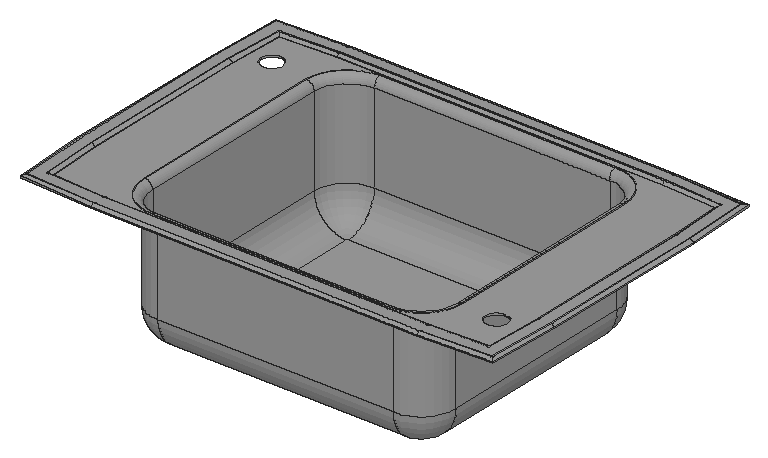
Revit family "equip-sink-clsrm-elkay-s-lustrtne", category Plumbing Fixtures, Revit 2019
Family settings
  Round Connector Dimension = Use Radius
  Part Type = Normal
  OmniClass Number = 23.45.05.14.14.27
  OmniClass Title = Service Sinks
  Work Plane-Based = Yes
  Always vertical = Yes
  Cut with Voids When Loaded = No
  Shared = No
  Room Calculation Point = No
Parameters (values of type "CDKR2517-2")
  URL = "www.elkayusa.com"
  Specification Sheet URL = ""
  Sink Width = 1' - 5"
  Sink Material = Metal - Steel - Stainless - Chrome
  Sink Length = 2' - 1"
  Sink Ledge Right Width Hidden = if(Sink Ledge Right Width > 0' 1 1/2", Sink Ledge Right Width, 0' 1 1/2")  # 0' - 4 5/8"
  Sink Ledge Right Width = 0' - 4 5/8"
  Sink Ledge Left Width Hidden = if(Sink Ledge Left Width > 0' 1 1/2", Sink Ledge Left Width, 0' 1 1/2")  # 0' - 4 5/8"
  Sink Ledge Left Width = 0' - 4 5/8"
  Sink Ledge Front Width Hidden = if(Sink Ledge Front Width > 0' 1 1/2", Sink Ledge Front Width, 0' 1 1/2")  # 0' - 1 1/2"
  Sink Ledge Front Width = 0' - 1 1/2"
  Sink Ledge Back Width Hidden = if(Sink Ledge Back Width > 0' 1 1/2", Sink Ledge Back Width, 0' 1 1/2")  # 0' - 1 1/2"
  Sink Ledge Back Width = 0' - 1 1/2"
  Right Faucet Hole Three Top = 0' - 0 1/8"
  Right Faucet Hole Three = Right Faucet Hole Three Top > 0' 0 63/256"  # no
  Right Faucet Hole OneTwo Top = 0' - 0 1/8"
  Right Faucet Hole OneTwo = Right Faucet Hole OneTwo Top > 0' 0 63/256"  # no
  Right Faucet Hole One to CL = 0' - 4"
  Left Faucet Hole Three = Left Faucet Hole Three Top > 0' 0 63/256"  # no
  Left Faucet Hole OneTwo = Left Faucet Hole OneTwo Top > 0' 0 63/256"  # no
  Bubbler Back Left = Bubbler Back Left Top > 0' 0 63/256"  # yes
  Bubbler Front Right = Bubbler Front Right Top > 0' 0 63/256"  # yes
  Bubbler Front Left = Bubbler Front Left Top > 0' 0 63/256"  # no
  Bubbler Back Right = Bubbler Back Right Top > 0' 0 63/256"  # no
  Back Faucet Hole Three = Back Faucet Hole Three Top > 0' 0 63/256"  # no
  Back Faucet Hole OneTwo = Back Faucet Hole OneTwo Top > 0' 0 63/256"  # no
  Back Faucet CL to Back = 0' - 2 1/4"
  Left Faucet Hole Three Top = 0' - 0 1/8"
  Left Faucet Hole OneTwo Top = 0' - 0 1/8"
  Bubbler Back Right Top = 0' - 0 1/8"
  Bubbler Front Right Radius = 0' - 0 9/16"
  Bubbler Front Left Radius = 0' - 0 9/16"
  Back Faucet Hole One to CL = 0' - 4"
  Drain CL LR to Left Bowl Edge = Bowl Length / 2  # 0' - 7 7/8"
  Bubbler Right from Edge = 0' - 2 1/4"
  Bubbler Back Left Top = 0' - 0 1/2"
  Bubbler Front Left Top = 0' - 0 1/8"
  Bubbler Left From Edge = 0' - 2 1/4"
  Back Faucet Hole Three Top = 0' - 0 1/8"
  Back Faucet Hole OneTwo Top = 0' - 0 1/8"
  Bowl Depth = 0' - 6 7/8"
  Bubbler Front Right Top = 0' - 0 1/2"
  Sanitary Flow Rate = 10 GPM
  OmniClass Title = "Service Sinks"
  OmniClass Code = "23.45.05.14.14.27"
  Sanitary Nominal Radius = Sanitary Nominal Dia / 2  # 0' - 0 3/4"
  Sanitary Nominal Dia = 0' - 1 1/2"
  Model = "LR3321"
  Minimum Cabinet Width = ""
  MasterFormat Title = "Commercial Sinks"
  MasterFormat Number = "22.42.16.16"
  Manufacturer = "Elkay Manufacturing"
  Installation Sheet URL = ""
  Bowl Drain Location FB = 0' - 7"
  Description = "Lustertone Classroom Single Bowl Sink"  # constant formula
  Default Elevation = 3' - 0"
  Deep Specification Sheet URL = ""
  Date Created = "2011-05-05"
  Bowl Length = Sink Length - Sink Ledge Left Width - Sink Ledge Right Width  # 1' - 3 3/4"
  Bowl Width = (Sink Width - Sink Ledge Front Width - Sink Ledge Back Width)  # 1' - 2"
  Assembly Code = "D2010410"
Reference planes (in)
  plane 1 "CL Sink Hole": y = 0
  plane 2 "Sink Deck": z = 0
  plane 3 "Center (Left/Right)": x = 0
  plane 4 "Basin Edge Left": x = -7.875
  plane 5 "Basin Edge Right": x = 7.875
  plane 6 "Back Right Bowl Edge": y = 7
  plane 7 "Basin Edge Front": y = -7
  plane 8 "Left": x = -12.5
  plane 9 "Right": x = 12.5
  plane 10 "Back": y = 8.5
  plane 11 "Front": y = -8.5
  plane 12 "Sink Angle Back Corner": y = 8.3125
  plane 13 "Sink Angle Right Corner": x = 12.3125
  plane 14 "Sink Angle Right": x = 8.5
  plane 15 "Sink Angle Back": y = 4.5
  plane 16 "Sink Angle Left": x = -8.5
  plane 17 "Sink Angle Left Corner": x = -12.3125
  plane 18 "Sink Angle Front Corner": y = -8.3125
  plane 19 "Sink Angle Front": y = -4.5
  plane 20 "Edge Opening Right": x = 8.296875
  plane 21 "Edge Opening Left": x = -8.296875
  plane 22 "Sink Top Piece Bottom Face": z = -0.0625
  plane 23 "Top Radius Corner Prot": z = -0.421875
  plane 24 "Left Sink Bottom Piece Left Edge": x = -6.1875
  plane 25 "Sink Bottom Piece Right Edge": x = 6.1875
  plane 26 "Sink Bottom Piece Back Edge": y = 5.3125
  plane 27 "Sink Bottom Piece Front Edge": y = -5.3125
  plane 28 "Center (Front/Back)": y = 0
  plane 29 "Right Bowl CL Drain": x = 0
  plane 30 "Edge Opening Front": y = -7.421875
  plane 31 "Right Sink Right Edge Radius": x = 6.125
  plane 32 "Front Edge Bottom Edge Radius": y = -5.25
  plane 33 "Back Edge Bottom Edge Radius": y = 5.25
  plane 34 "Back Right Edge Opening": y = 7.421875
  plane 35 "Left Bowl Bottom Edge Radius": x = -6.125
  plane 36 "Masking Region": z = 1.2515695
  plane 37 "Sink Angle Right Inside Corner": x = 11.4925507
  plane 38 "Sink Angle Back Inside Corner": y = 7.4925507
  plane 39 "Sink Angle Front Inside Corner": y = -7.4925507
  plane 40 "Sink Angle Left Inside Corner": x = -11.4925507
  plane 41 "Sink Angle Right Inside Offset Corner": x = 11.3511143
  plane 42 "Sink Angle Back Inside Offset Corner": y = 7.3511143
  plane 43 "Sink Angle Front Inside Offset Corner": y = -7.3511143
  plane 44 "Sink Angle Left Inside Offset Corner": x = -11.3511143
  plane 45 "Right Bowl Bottom Top Face": z = -6.7547681
  plane 46 "Right Bowl Bottom Bottom Face": z = -6.8172681
  plane 47 "Right Bowl Bottom Top of Radius": z = -5.0672681
  plane 48 "Right Sink Drain Elev Bottom": z = -8.2547681
  plane 49 "Right Sink Drain Top Elev": z = -8.0047681
  plane 50 "Faucet Hole Bottom": z = -0.25
  plane 51 "Left Faucet Hole Top": z = 0.25
  plane 52 "Faucet Hole CL Front/Back": y = 6.25
  plane 53 "Faucet Back Hole One-Two": z = -0.125
  plane 54 "Right Faucet Hole 1": x = -4
  plane 55 "Right Faucet Hole 2": x = 0
  plane 56 "Right Faucet Hole 3": x = 4
  plane 57 "Left  Bubbler CL Left/Right": x = -10.25
  plane 58 "Right Bubbler CL Left/Right": x = 10.25
  plane 59 "Bubbler Front CL": y = -5.5
  plane 60 "Top of Rim": z = 0.1202319
  plane 61 "CL Bowl Left/Right": x = 0
  plane 62 "Left Front Bubbler Top": z = -0.125
  plane 63 "Faucet Back Hole Three": z = -0.125
  plane 64 "Bubbler Rear CL F B": y = 5.5
  plane 65 "Bubbler Rear Left Top": z = 0.25
  plane 66 "Right Faucet Hole Three": y = 4
  plane 67 "Right Faucet Hole Two": y = 0
  plane 68 "Right Faucet Hole One": y = -4
  plane 69 "CL Bowl Front/Back": y = 0
  plane 70 "Right Faucet Hole OneTwo Top": z = -0.125
  plane 71 "Right Faucet Hole Three Top": z = -0.125
  plane 72 "Left Faucet Hole OneTwo Top": z = -0.125
  plane 73 "Left Faucet Hole Three Top": z = -0.125
  plane 74 "Bubble Rear Right Top": z = -0.125
Forms (in)
  Extrusion 1, solid, material "Metal - Steel - Stainless - Chrome" <- "Sink Material"
    sketch origin (0, 0, 0) x (1, 0, 0) y (0, 1, 0)
      loop
        line (-6.125, -7.421875) -> (6.125, -7.421875)
        arc (6.125, -7.421875) -> (7.6607475, -6.7857475) -> (8.296875, -5.25) r 2.171875
        line (8.296875, -5.25) -> (8.296875, 5.25)
        arc (8.296875, 5.25) -> (7.6607475, 6.7857475) -> (6.125, 7.421875) r 2.171875
        line (6.125, 7.421875) -> (-6.125, 7.421875)
        arc (-6.125, 7.421875) -> (-7.6607475, 6.7857475) -> (-8.296875, 5.25) r 2.171875
        line (-8.296875, 5.25) -> (-8.296875, -5.25)
        arc (-8.296875, -5.25) -> (-7.6607475, -6.7857475) -> (-6.125, -7.421875) r 2.171875
      loop
        line (-8.5, 7.4925507) -> (-11.3511143, 7.3511143) -> (-11.4925507, 4.5) -> (-11.4925507, -4.5) -> (-11.3511143, -7.3511143) -> (-8.5, -7.4925507) -> (8.5, -7.4925507) -> (11.3511143, -7.3511143) -> (11.4925507, -4.5) -> (11.4925507, 4.5) -> (11.3511143, 7.3511143) -> (8.5, 7.4925507) -> (-8.5, 7.4925507)
    from -0.0625 to 0
  Extrusion 2, solid, material "Metal - Steel - Stainless - Chrome" <- "Sink Material"
    sketch origin (0, 0, 0) x (1, 0, 0) y (0, 1, 0)
      loop
        arc (-6.125, 5.3125) -> (-6.1691942, 5.2941942) -> (-6.1875, 5.25) r 0.0625
        line (-6.1875, 5.25) -> (-6.1875, -5.25)
        arc (-6.1875, -5.25) -> (-6.1691942, -5.2941942) -> (-6.125, -5.3125) r 0.0625
        line (-6.125, -5.3125) -> (6.125, -5.3125)
        arc (6.125, -5.3125) -> (6.1691942, -5.2941942) -> (6.1875, -5.25) r 0.0625
        line (6.1875, -5.25) -> (6.1875, 5.25)
        arc (6.1875, 5.25) -> (6.1691942, 5.2941942) -> (6.125, 5.3125) r 0.0625
        line (6.125, 5.3125) -> (-6.125, 5.3125)
      loop
        circle (0, 0) r 2.25
    from -6.8172681 to -6.7547681
  Sweep 3, solid, material "Metal - Steel - Stainless - Chrome" <- "Sink Material"
    path origin (0, 0, -6.7547681) x (-1, 0, 0) y (0, -1, 0)
      loop
        circle (0, 0) r 2.25
    profile "profile-elkay-sink-d4-csk : profile-elkay-sink-d4-csk" origin (0, -2.25, -6.7547681) x (0, 1, 0) y (0, 0, 1)
      loop
        line (0.5, -0.2911069) -> (0.1564602, -0.1343744)
        arc (0.1564602, -0.1343744) -> (0.1424945, -0.125589) -> (0.1313144, -0.1134552) r 0.0625
        line (0.1313144, -0.1134552) -> (0.0881719, -0.0522605)
        arc (0.0881719, -0.0522605) -> (0.0506391, -0.015074) -> (0, 0) r 0.1086
        line (0, 0) -> (0, -0.0461763)
        arc (0, -0.0461763) -> (0.0262058, -0.0541921) -> (0.0464633, -0.0726483) r 0.0625
        line (0.0464633, -0.0726483) -> (0.093406, -0.1396891)
        arc (0.093406, -0.1396891) -> (0.1129384, -0.1609677) -> (0.1373891, -0.1763448) r 0.1086
        line (0.1373891, -0.1763448) -> (0.5, -0.3417784) -> (0.5, -0.2911069)
  Sweep 4, solid, material "Metal - Steel - Stainless - Chrome" <- "Sink Material"
    path origin (0, 0, 0) x (1, 0, 0) y (0, 1, 0)
      loop
        line (-6.125, -7) -> (6.125, -7)
        arc (6.125, -7) -> (7.3624369, -6.4874369) -> (7.875, -5.25) r 1.75
        line (7.875, -5.25) -> (7.875, 5.25)
        arc (7.875, 5.25) -> (7.3624369, 6.4874369) -> (6.125, 7) r 1.75
        line (6.125, 7) -> (-6.125, 7)
        arc (-6.125, 7) -> (-7.3624369, 6.4874369) -> (-7.875, 5.25) r 1.75
        line (-7.875, 5.25) -> (-7.875, -5.25)
        arc (-7.875, -5.25) -> (-7.3624369, -6.4874369) -> (-6.125, -7) r 1.75
    profile origin (0, -7, 0) x (0, 1, 0) y (0, 0, 1)
      loop
        arc (0, -0.421875) -> (-0.1235643, -0.1235643) -> (-0.421875, 0) r 0.421875
        line (-0.421875, 0) -> (-0.421875, -0.0625)
        arc (-0.421875, -0.0625) -> (-0.1677585, -0.1677585) -> (-0.0625, -0.421875) r 0.359375
        line (-0.0625, -0.421875) -> (-0.0625, -5.0672681)
        arc (-0.0625, -5.0672681) -> (0.4500631, -6.304705) -> (1.6875, -6.8172681) r 1.75
        line (1.6875, -6.8172681) -> (1.6875, -6.7547681)
        arc (1.6875, -6.7547681) -> (0.4942573, -6.2605108) -> (0, -5.0672681) r 1.6875
        line (0, -5.0672681) -> (0, -0.421875)
  Extrusion 5, solid, material "Glass", not visible
    sketch origin (0, 0, -4.7547681) x (0, -1, 0) y (1, 0, 0)
      loop
        circle (0, 0) r 0.75
    from -3.5 to -3.25
  Sweep 6, solid, material "Metal - Steel - Stainless - Chrome" <- "Sink Material"
    path origin (0, 0, 0) x (1, 0, 0) y (0, 1, 0)
      loop
        line (-8.5, -8.5) -> (8.5, -8.5) -> (12.3125, -8.3125) -> (12.5, -4.5) -> (12.5, 4.5) -> (12.3125, 8.3125) -> (8.5, 8.5) -> (-8.5, 8.5) -> (-12.3125, 8.3125) -> (-12.5, 4.5) -> (-12.5, -4.5) -> (-12.3125, -8.3125) -> (-8.5, -8.5)
    profile "profile-elkay-sink-rim-9 : profile-elkay-sink-rim-9" origin (0, -8.5, 0) x (0, 1, 0) y (0, 0, 1)
      loop
        line (0, 0.0163327) -> (0, -0.0360681) -> (0.2039181, 0.0741316) -> (0.8052651, 0.0741316) -> (1.0074493, -0.0546586) -> (1.0074493, 0) -> (0.841093, 0.1059673)
        arc (0.841093, 0.1059673) -> (0.8176388, 0.1165931) -> (0.7921483, 0.1202319) r 0.091102
        line (0.7921483, 0.1202319) -> (0.2153023, 0.1202319)
        arc (0.2153023, 0.1202319) -> (0.1929626, 0.1174506) -> (0.1719868, 0.1092765) r 0.0911081
        line (0.1719868, 0.1092765) -> (0, 0.0163327)
  Extrusion 7, void
    sketch origin (0, 0, 0) x (1, 0, 0) y (0, 1, 0)
      loop
        circle (-4, 6.25) r 0.75
    from -0.25 to -0.125
  Extrusion 8, void
    sketch origin (0, 0, 0) x (1, 0, 0) y (0, 1, 0)
      loop
        circle (0, 6.25) r 0.75
    from -0.25 to -0.125
  Extrusion 9, void
    sketch origin (0, 0, 0) x (1, 0, 0) y (0, 1, 0)
      loop
        circle (4, 6.25) r 0.75
    from -0.25 to -0.125
  Extrusion 10, void
    sketch origin (0, 0, 0) x (1, 0, 0) y (0, 1, 0)
      loop
        circle (-10.25, -5.5) r 0.5625
    from -0.25 to -0.125
  Extrusion 11, void
    sketch origin (0, 0, 0) x (1, 0, 0) y (0, 1, 0)
      loop
        circle (10.25, -5.5) r 0.5625
    from -0.25 to 0.25
  Extrusion 12, void
    sketch origin (0, 0, 0) x (1, 0, 0) y (0, 1, 0)
      loop
        circle (-10.25, 5.5) r 0.5625
    from -0.25 to 0.25
  Extrusion 13, void
    sketch origin (0, 0, 0) x (1, 0, 0) y (0, 1, 0)
      loop
        circle (10.25, -4) r 0.75
    from -0.25 to -0.125
  Extrusion 14, void
    sketch origin (0, 0, 0) x (1, 0, 0) y (0, 1, 0)
      loop
        circle (10.25, 4) r 0.75
    from -0.25 to -0.125
  Extrusion 15, void
    sketch origin (0, 0, 0) x (1, 0, 0) y (0, 1, 0)
      loop
        circle (10.25, 0) r 0.75
    from -0.25 to -0.125
  Extrusion 16, void
    sketch origin (0, 0, 0) x (1, 0, 0) y (0, 1, 0)
      loop
        circle (-10.25, -4) r 0.75
    from -0.25 to -0.125
  Extrusion 17, void
    sketch origin (0, 0, 0) x (1, 0, 0) y (0, 1, 0)
      loop
        circle (-10.25, 0) r 0.75
    from -0.25 to -0.125
  Extrusion 18, void
    sketch origin (0, 0, 0) x (1, 0, 0) y (0, 1, 0)
      loop
        circle (-10.25, 4) r 0.75
    from -0.25 to -0.125
  Extrusion 19, void
    sketch origin (0, 0, 0) x (1, 0, 0) y (0, 1, 0)
      loop
        circle (10.25, 5.5) r 0.5625
    from -0.25 to -0.125
Cuts and joins
  joined: Extrusion 2, Sweep 3, Sweep 4
  Extrusion 7, Extrusion 8, Extrusion 9, Extrusion 10, Extrusion 11, Extrusion 12, Extrusion 13, Extrusion 14, Extrusion 15, Extrusion 16, Extrusion 17, Extrusion 18, Extrusion 19 cuts Extrusion 1
Lines and regions (in)
  Masking region 1
    outline origin (0, 0, 1.2515695) x (-1, 0, 0) y (0, -1, 0)
      loop
        line (8.5, -8.5) -> (12.3125, -8.3125) -> (12.5, -4.5) -> (12.5, 4.5) -> (12.3125, 8.3125) -> (8.5, 8.5) -> (-8.5, 8.5) -> (-12.3125, 8.3125) -> (-12.5, 4.5) -> (-12.5, -4.5) -> (-12.3125, -8.3125) -> (-8.5, -8.5) -> (8.5, -8.5)
  reference lines, not visible
    curve 1: line (8.5, 8.5, 0) -> (12.3125, 8.3125, 0)
    curve 2: line (12.3125, 8.3125, 0) -> (12.5, 4.5, 0)
    curve 3: line (-8.5, 8.5, 0) -> (-12.3125, 8.3125, 0)
    curve 4: line (-12.3125, 8.3125, 0) -> (-12.5, 4.5, 0)
    curve 5: line (-12.5, -4.5, 0) -> (-12.3125, -8.3125, 0)
    curve 6: line (-12.3125, -8.3125, 0) -> (-8.5, -8.5, 0)
    curve 7: line (12.5, -4.5, 0) -> (12.3125, -8.3125, 0)
    curve 8: line (12.3125, -8.3125, 0) -> (8.5, -8.5, 0)
    curve 9: arc (0, -7, -0.421875) -> (0, -7.1235643, -0.1235643) -> (0, -7.421875, 0) r 0.421875
    curve 10: arc (6.1875, 5.25, 0) -> (6.1691942, 5.2941942, 0) -> (6.125, 5.3125, 0) r 0.0625
    curve 11: arc (-7.1875, 5.25, 0) -> (-7.1691942, 5.2941942, 0) -> (-7.125, 5.3125, 0) r 0.0625
    curve 12: arc (-7.125, -5.3125, 0) -> (-7.1691942, -5.2941942, 0) -> (-7.1875, -5.25, 0) r 0.0625
    curve 13: arc (6.1875, -5.25, 0) -> (6.1691942, -5.2941942, 0) -> (6.125, -5.3125, 0) r 0.0625
    curve 14: arc (7.875, 5.25, 0) -> (7.3624369, 6.4874369, 0) -> (6.125, 7, 0) r 1.75
    curve 15: arc (7.875, -5.25, 0) -> (7.3624369, -6.4874369, 0) -> (6.125, -7, 0) r 1.75
    curve 21: circle (0, 0, -8.2547681) r 0.75 normal (0, 0, 1)
  reference lines
    curve 16: arc (8.296875, 5.25, 0) -> (7.6607475, 6.7857475, 0) -> (6.125, 7.421875, 0) r 2.171875
    curve 17: arc (8.296875, -5.25, 0) -> (7.6607475, -6.7857475, 0) -> (6.125, -7.421875, 0) r 2.171875
    curve 22: line (11.4925507, -4.5, 0) -> (11.3511143, -7.3511143, 0)
    curve 23: line (8.5, -7.4925507, 0) -> (11.3511143, -7.3511143, 0)
    curve 24: line (-11.4925507, -4.5, 0) -> (-11.3511143, -7.3511143, 0)
    curve 25: line (11.4925507, 4.5, 0) -> (11.3511143, 7.3511143, 0)
    curve 26: line (11.3511143, 7.3511143, 0) -> (8.5, 7.4925507, 0)
    curve 27: line (-8.5, 7.4925507, 0) -> (-11.3511143, 7.3511143, 0)
    curve 28: line (-11.3511143, 7.3511143, 0) -> (-11.4925507, 4.5, 0)
    curve 29: line (-8.5, -7.4925507, 0) -> (-11.3511143, -7.3511143, 0)
    curve 30: arc (0, -5.3125, -6.7547681) -> (0, -6.5057427, -6.2605108) -> (0, -7, -5.0672681) r 1.6875
    curve 31: arc (-6.125, -5.3125, 0) -> (-6.1691942, -5.2941942, 0) -> (-6.1875, -5.25, 0) r 0.0625
    curve 32: arc (-6.125, -7, 0) -> (-7.3624369, -6.4874369, 0) -> (-7.875, -5.25, 0) r 1.75
    curve 33: arc (-8.296875, -5.25, 0) -> (-7.6607475, -6.7857475, 0) -> (-6.125, -7.421875, 0) r 2.171875
    curve 34: arc (-7.875, 5.25, 0) -> (-7.3624369, 6.4874369, 0) -> (-6.125, 7, 0) r 1.75
    curve 35: arc (-8.296875, 5.25, 0) -> (-7.6607475, 6.7857475, 0) -> (-6.125, 7.421875, 0) r 2.171875
    curve 36: arc (-6.1875, 5.25, 0) -> (-6.1691942, 5.2941942, 0) -> (-6.125, 5.3125, 0) r 0.0625
    curve 55: circle (10.25, -5.5, 0) r 0.5625 normal (0, 0, 1)
    curve 56: circle (-10.25, -5.5, 0) r 0.5625 normal (0, 0, 1)
  symbolic lines, style "Sinks"
    curve 18: line (7.875, 5.25, 1.2515695) -> (7.875, -5.25, 1.2515695)
    curve 19: arc (7.875, -5.25, 1.2515695) -> (7.3624369, -6.4874369, 1.2515695) -> (6.125, -7, 1.2515695) r 1.75
    curve 20: arc (7.875, 5.25, 1.2515695) -> (7.3624369, 6.4874369, 1.2515695) -> (6.125, 7, 1.2515695) r 1.75
    curve 37: line (-6.125, 7, 1.2515695) -> (6.125, 7, 1.2515695)
    curve 38: line (-6.125, -7, 1.2515695) -> (6.125, -7, 1.2515695)
    curve 39: line (-7.875, 5.25, 1.2515695) -> (-7.875, -5.25, 1.2515695)
    curve 40: arc (-6.125, -7, 1.2515695) -> (-7.3624369, -6.4874369, 1.2515695) -> (-7.875, -5.25, 1.2515695) r 1.75
    curve 41: arc (-7.875, 5.25, 1.2515695) -> (-7.3624369, 6.4874369, 1.2515695) -> (-6.125, 7, 1.2515695) r 1.75
    curve 42: line (-8.5, 7.4925507, 1.2515695) -> (8.5, 7.4925507, 1.2515695)
    curve 43: line (-11.4925507, -4.5, 1.2515695) -> (-11.4925507, 4.5, 1.2515695)
    curve 44: line (11.4925507, 4.5, 1.2515695) -> (11.4925507, -4.5, 1.2515695)
    curve 45: line (8.5, -7.4925507, 1.2515695) -> (-8.5, -7.4925507, 1.2515695)
    curve 46: line (11.4925507, -4.5, 1.2515695) -> (11.3511143, -7.3511143, 1.2515695)
    curve 47: line (8.5, -7.4925507, 1.2515695) -> (11.3511143, -7.3511143, 1.2515695)
    curve 48: line (-8.5, -7.4925507, 1.2515695) -> (-11.3511143, -7.3511143, 1.2515695)
    curve 49: line (-8.5, 7.4925507, 1.2515695) -> (-11.3511143, 7.3511143, 1.2515695)
    curve 50: line (-11.3511143, 7.3511143, 1.2515695) -> (-11.4925507, 4.5, 1.2515695)
    curve 51: line (11.3511143, 7.3511143, 1.2515695) -> (8.5, 7.4925507, 1.2515695)
    curve 52: line (11.4925507, 4.5, 1.2515695) -> (11.3511143, 7.3511143, 1.2515695)
    curve 53: line (-11.4925507, -4.5, 1.2515695) -> (-11.3511143, -7.3511143, 1.2515695)
    curve 67: circle (0, 0, 1.2515695) r 2.25 normal (0, 0, 1)
    curve 68: circle (0, 0, 1.2515695) r 1.75 normal (0, 0, 1)
  symbolic lines, style "Sinks", visible <- "Back Faucet Hole OneTwo"
    curve 54: circle (0, 6.25, 1.2515695) r 0.75 normal (0, 0, 1)
    curve 69: circle (-4, 6.25, 0) r 0.75 normal (0, 0, 1)
  symbolic lines, style "Sinks", visible <- "Bubbler Back Left"
    curve 57: circle (-10.25, 5.5, 1.2515695) r 0.5625 normal (0, 0, 1)
  symbolic lines, style "Sinks", visible <- "Bubbler Back Right"
    curve 58: circle (10.25, 5.5, 1.2515695) r 0.5625 normal (0, 0, 1)
  symbolic lines, style "Sinks", visible <- "Right Faucet Hole Three"
    curve 59: circle (10.25, 4, 1.2515695) r 0.75 normal (0, 0, 1)
  symbolic lines, style "Sinks", visible <- "Right Faucet Hole OneTwo"
    curve 60: circle (10.25, 0, 1.2515695) r 0.75 normal (0, 0, 1)
    curve 61: circle (10.25, -4, 1.2515695) r 0.75 normal (0, 0, 1)
  symbolic lines, style "Sinks", visible <- "Bubbler Front Right"
    curve 62: circle (10.25, -5.5, 1.2515695) r 0.5625 normal (0, 0, 1)
  symbolic lines, style "Sinks", visible <- "Bubbler Front Left"
    curve 63: circle (-10.25, -5.5, 1.2515695) r 0.5625 normal (0, 0, 1)
  symbolic lines, style "Sinks", visible <- "Left Faucet Hole OneTwo"
    curve 64: circle (-10.25, -4, 1.2515695) r 0.75 normal (0, 0, 1)
    curve 65: circle (-10.25, 0, 1.2515695) r 0.75 normal (0, 0, 1)
  symbolic lines, style "Sinks", visible <- "Left Faucet Hole Three"
    curve 66: circle (-10.25, 4, 1.2515695) r 0.75 normal (0, 0, 1)
  symbolic lines, style "Sinks", visible <- "Back Faucet Hole Three"
    curve 70: circle (4, 6.25, 0) r 0.75 normal (0, 0, 1)
Dimensions and locks (in)
  "Sink Ledge Left Width Hidden": plane 8 "Left" to plane 4 "Basin Edge Left"
  "Sink Ledge Right Width Hidden": plane 5 "Basin Edge Right" to plane 9 "Right"
  "Sink Length": plane 8 "Left" to plane 9 "Right"
  "Bowl Drain Location FB": plane 6 "Back Right Bowl Edge" to plane 1 "CL Sink Hole"
  "Sink Ledge Back Width Hidden": plane 10 "Back" to plane 6 "Back Right Bowl Edge"
  "Sink Ledge Front Width Hidden": plane 7 "Basin Edge Front" to plane 11 "Front"
  locked: plane 13 "Sink Angle Right Corner" to plane 9 "Right" at 0.1875
  locked: plane 10 "Back" to plane 12 "Sink Angle Back Corner" at 0.1875
  locked: plane 14 "Sink Angle Right" to plane 9 "Right" at 4
  locked: plane 10 "Back" to plane 15 "Sink Angle Back" at 4
  locked: plane 8 "Left" to plane 17 "Sink Angle Left Corner" at 0.1875
  locked: plane 8 "Left" to plane 16 "Sink Angle Left" at 4
  locked: plane 18 "Sink Angle Front Corner" to plane 11 "Front" at 0.1875
  locked: plane 19 "Sink Angle Front" to plane 11 "Front" at 4
  "Sink Width": plane 10 "Back" to plane 11 "Front"
  locked: plane 21 "Edge Opening Left" to plane 4 "Basin Edge Left" at 0.421875
  locked: plane 27 "Sink Bottom Piece Front Edge" to plane 7 "Basin Edge Front" at 1.6875
  locked: plane 4 "Basin Edge Left" to plane 24 "Left Sink Bottom Piece Left Edge" at 1.6875
  locked: plane 25 "Sink Bottom Piece Right Edge" to plane 5 "Basin Edge Right" at 1.6875
  locked: plane 6 "Back Right Bowl Edge" to plane 26 "Sink Bottom Piece Back Edge" at 1.6875
  locked: plane 5 "Basin Edge Right" to plane 20 "Edge Opening Right" at 0.421875
  equal spacing: plane 10 "Back", plane 28 "Center (Front/Back)", plane 11 "Front"
  equal spacing: plane 8 "Left", plane 3 "Center (Left/Right)", plane 9 "Right"
  locked: plane 31 "Right Sink Right Edge Radius" to plane 25 "Sink Bottom Piece Right Edge" at 0.0625
  locked: plane 32 "Front Edge Bottom Edge Radius" to plane 27 "Sink Bottom Piece Front Edge" at 0.0625
  locked: plane 26 "Sink Bottom Piece Back Edge" to plane 33 "Back Edge Bottom Edge Radius" at 0.0625
  locked: plane 34 "Back Right Edge Opening" to plane 6 "Back Right Bowl Edge" at 0.421875
  locked: plane 7 "Basin Edge Front" to plane 30 "Edge Opening Front" at 0.421875
  locked: plane 24 "Left Sink Bottom Piece Left Edge" to plane 35 "Left Bowl Bottom Edge Radius" at 0.0625
  locked: plane 2 "Sink Deck" to plane 23 "Top Radius Corner Prot" at 0.421875
  locked: plane 2 "Sink Deck" to plane 22 "Sink Top Piece Bottom Face" at 0.0625
  locked: plane 36 "Masking Region" to plane 2 "Sink Deck" at 1.2515695
  locked: plane 37 "Sink Angle Right Inside Corner" to plane 9 "Right" at 1.0074493
  locked: plane 8 "Left" to plane 40 "Sink Angle Left Inside Corner" at 1.0074493
  locked: plane 10 "Back" to plane 38 "Sink Angle Back Inside Corner" at 1.0074493
  locked: plane 39 "Sink Angle Front Inside Corner" to plane 11 "Front" at 1.0074493
  locked: plane 41 "Sink Angle Right Inside Offset Corner" to plane 37 "Sink Angle Right Inside Corner" at 0.1414364
  locked: plane 42 "Sink Angle Back Inside Offset Corner" to plane 38 "Sink Angle Back Inside Corner" at 0.1414364
  locked: plane 39 "Sink Angle Front Inside Corner" to plane 43 "Sink Angle Front Inside Offset Corner" at 0.1414364
  locked: plane 40 "Sink Angle Left Inside Corner" to plane 44 "Sink Angle Left Inside Offset Corner" at 0.1414364
  locked: plane 47 "Right Bowl Bottom Top of Radius" to plane 45 "Right Bowl Bottom Top Face" at 1.6875
  locked: plane 45 "Right Bowl Bottom Top Face" to plane 46 "Right Bowl Bottom Bottom Face" at 0.0625
  "Bowl Depth": plane 60 "Top of Rim" to plane 45 "Right Bowl Bottom Top Face"
  locked: plane 49 "Right Sink Drain Top Elev" to plane 48 "Right Sink Drain Elev Bottom" at 0.25
  locked: plane 45 "Right Bowl Bottom Top Face" to plane 48 "Right Sink Drain Elev Bottom" at 1.5
  "Back Faucet CL to Back": plane 10 "Back" to plane 52 "Faucet Hole CL Front/Back"
  locked: plane 2 "Sink Deck" to plane 50 "Faucet Hole Bottom" at 0.25
  "Bubbler Front Right Top": plane 51 "Left Faucet Hole Top" to plane 50 "Faucet Hole Bottom"
  "Back Faucet Hole OneTwo Top": plane 53 "Faucet Back Hole One-Two" to plane 50 "Faucet Hole Bottom"
  "Drain CL LR to Left Bowl Edge": plane 4 "Basin Edge Left" to plane 29 "Right Bowl CL Drain"
  locked: plane 54 "Right Faucet Hole 1" to plane 55 "Right Faucet Hole 2" at 4
  locked: plane 54 "Right Faucet Hole 1" to plane 56 "Right Faucet Hole 3" at 8
  "Bubbler Right from Edge": plane 58 "Right Bubbler CL Left/Right" to plane 9 "Right"
  "Bubbler Left From Edge": plane 8 "Left" to plane 57 "Left  Bubbler CL Left/Right"
  locked: plane 59 "Bubbler Front CL" to plane 11 "Front" at 3
  locked: plane 60 "Top of Rim" to plane 2 "Sink Deck" at 0.1202319
  "Back Faucet Hole One to CL": plane 54 "Right Faucet Hole 1" to plane 61 "CL Bowl Left/Right"
  equal spacing: plane 4 "Basin Edge Left", plane 61 "CL Bowl Left/Right", plane 5 "Basin Edge Right"
  "Bubbler Front Left Top": plane 62 "Left Front Bubbler Top" to plane 50 "Faucet Hole Bottom"
  "Back Faucet Hole Three Top": plane 50 "Faucet Hole Bottom" to plane 63 "Faucet Back Hole Three"
  locked: plane 10 "Back" to plane 64 "Bubbler Rear CL F B" at 3
  "Bubbler Back Left Top": plane 65 "Bubbler Rear Left Top" to plane 50 "Faucet Hole Bottom"
  equal spacing: plane 6 "Back Right Bowl Edge", plane 69 "CL Bowl Front/Back", plane 7 "Basin Edge Front"
  "Right Faucet Hole One to CL": plane 69 "CL Bowl Front/Back" to plane 68 "Right Faucet Hole One"
  locked: plane 67 "Right Faucet Hole Two" to plane 68 "Right Faucet Hole One" at 4
  locked: plane 66 "Right Faucet Hole Three" to plane 68 "Right Faucet Hole One" at 8
  "Right Faucet Hole OneTwo Top": plane 70 "Right Faucet Hole OneTwo Top" to plane 50 "Faucet Hole Bottom"
  "Right Faucet Hole Three Top": plane 71 "Right Faucet Hole Three Top" to plane 50 "Faucet Hole Bottom"
  "Left Faucet Hole OneTwo Top": plane 72 "Left Faucet Hole OneTwo Top" to plane 50 "Faucet Hole Bottom"
  "Left Faucet Hole Three Top": plane 73 "Left Faucet Hole Three Top" to plane 50 "Faucet Hole Bottom"
  "Bubbler Back Right Top": plane 74 "Bubble Rear Right Top" to plane 50 "Faucet Hole Bottom"
  "Sanitary Nominal Radius": radius of curve 21
  "Bubbler Front Right Radius": radius of curve 55
  "Bubbler Front Left Radius": radius of curve 56
  aligned: Extrusion 1 to plane 22 "Sink Top Piece Bottom Face"
  aligned and locked: Extrusion 2 sketch curve to curve 13
  aligned and locked: Extrusion 2 sketch curve to curve 10
  aligned and locked: Sweep 4 sketch curve to curve 14
  aligned and locked: Sweep 4 sketch curve to curve 15
  aligned and locked: Sweep 4 sketch curve to curve 9
  aligned and locked: Extrusion 1 sketch curve to curve 16
  aligned and locked: Extrusion 1 sketch curve to curve 17
  aligned and locked: plane 2 "Sink Deck" to Extrusion 1
  aligned and locked: Extrusion 1 to plane 22 "Sink Top Piece Bottom Face"
  aligned and locked: curve 19 to curve 15
  aligned and locked: curve 20 to curve 14
  aligned and locked: Extrusion 5 sketch curve to curve 21
  aligned and locked: Sweep 6 sketch curve to plane 11 "Front"
  aligned and locked: Sweep 6 sketch curve to plane 9 "Right"
  aligned and locked: Sweep 6 sketch curve to plane 10 "Back"
  aligned and locked: Sweep 6 sketch curve to plane 8 "Left"
  aligned and locked: Sweep 6 sketch curve to curve 4
  aligned and locked: Sweep 6 sketch curve to curve 5
  aligned and locked: Sweep 6 sketch curve to curve 7
  aligned and locked: Sweep 6 sketch curve to curve 8
  aligned and locked: Sweep 6 sketch curve to curve 2
  aligned and locked: Sweep 6 sketch curve to curve 1
  aligned and locked: Sweep 6 sketch curve to curve 3
  aligned and locked: Sweep 6 sketch curve to curve 6
  aligned and locked: Extrusion 1 sketch curve to plane 38 "Sink Angle Back Inside Corner"
  aligned and locked: Extrusion 1 sketch curve to plane 40 "Sink Angle Left Inside Corner"
  aligned and locked: Extrusion 1 sketch curve to plane 37 "Sink Angle Right Inside Corner"
  aligned and locked: Extrusion 1 sketch curve to plane 39 "Sink Angle Front Inside Corner"
  aligned and locked: Extrusion 1 sketch curve to curve 29
  aligned and locked: Extrusion 1 sketch curve to curve 24
  aligned and locked: Extrusion 1 sketch curve to curve 27
  aligned and locked: Extrusion 1 sketch curve to curve 28
  aligned and locked: Extrusion 1 sketch curve to curve 26
  aligned and locked: Extrusion 1 sketch curve to curve 25
  aligned and locked: Extrusion 1 sketch curve to curve 22
  aligned and locked: Extrusion 1 sketch curve to curve 23
  aligned and locked: Sweep 4 sketch curve to curve 30
  aligned and locked: plane 45 "Right Bowl Bottom Top Face" to cut or joined group of Extrusion 2, Sweep 3, Sweep 4
  aligned and locked: cut or joined group of Extrusion 2, Sweep 3, Sweep 4 to plane 46 "Right Bowl Bottom Bottom Face"
  aligned and locked: plane 49 "Right Sink Drain Top Elev" to Extrusion 5
  aligned and locked: Extrusion 5 to plane 48 "Right Sink Drain Elev Bottom"
  aligned and locked: Extrusion 9 to plane 50 "Faucet Hole Bottom"
  aligned and locked: Extrusion 8 to plane 50 "Faucet Hole Bottom"
  aligned and locked: Extrusion 7 to plane 50 "Faucet Hole Bottom"
  aligned: plane 53 "Faucet Back Hole One-Two" to Extrusion 9
  aligned and locked: plane 53 "Faucet Back Hole One-Two" to Extrusion 8
  aligned and locked: plane 53 "Faucet Back Hole One-Two" to Extrusion 7
  aligned and locked: Extrusion 10 to plane 50 "Faucet Hole Bottom"
  aligned: plane 51 "Left Faucet Hole Top" to Extrusion 10
  aligned and locked: Extrusion 11 to plane 50 "Faucet Hole Bottom"
  aligned: plane 53 "Faucet Back Hole One-Two" to Extrusion 11
  aligned and locked: plane 51 "Left Faucet Hole Top" to Extrusion 11
  aligned: plane 53 "Faucet Back Hole One-Two" to Extrusion 10
  aligned and locked: Masking region 1 sketch curve to plane 10 "Back"
  aligned and locked: Masking region 1 sketch curve to plane 8 "Left"
  aligned and locked: Masking region 1 sketch curve to plane 9 "Right"
  aligned and locked: Masking region 1 sketch curve to plane 11 "Front"
  aligned and locked: Masking region 1 sketch curve to curve 6
  aligned and locked: Masking region 1 sketch curve to curve 5
  aligned and locked: Masking region 1 sketch curve to curve 4
  aligned and locked: Masking region 1 sketch curve to curve 3
  aligned and locked: Masking region 1 sketch curve to curve 1
  aligned and locked: Masking region 1 sketch curve to curve 2
  aligned and locked: Masking region 1 sketch curve to curve 7
  aligned and locked: Masking region 1 sketch curve to curve 8
  aligned and locked: Sweep 4 sketch curve to curve 34
  aligned and locked: Sweep 4 sketch curve to curve 32
  aligned and locked: Extrusion 2 sketch curve to curve 36
  aligned and locked: Extrusion 2 sketch curve to curve 31
  aligned and locked: Extrusion 1 sketch curve to curve 35
  aligned and locked: Extrusion 1 sketch curve to curve 33
  aligned and locked: curve 40 to curve 32
  aligned and locked: curve 41 to curve 34
  aligned and locked: Extrusion 10 to plane 62 "Left Front Bubbler Top"
  aligned and locked: Extrusion 9 to plane 63 "Faucet Back Hole Three"
  aligned and locked: Extrusion 12 to plane 50 "Faucet Hole Bottom"
  aligned and locked: plane 65 "Bubbler Rear Left Top" to Extrusion 12
  aligned and locked: Extrusion 13 to plane 50 "Faucet Hole Bottom"
  aligned and locked: Extrusion 15 to plane 50 "Faucet Hole Bottom"
  aligned and locked: plane 70 "Right Faucet Hole OneTwo Top" to Extrusion 15
  aligned and locked: plane 70 "Right Faucet Hole OneTwo Top" to Extrusion 13
  aligned and locked: Extrusion 14 to plane 71 "Right Faucet Hole Three Top"
  aligned and locked: Extrusion 14 to plane 50 "Faucet Hole Bottom"
  aligned and locked: Extrusion 17 to plane 50 "Faucet Hole Bottom"
  aligned and locked: Extrusion 18 to plane 50 "Faucet Hole Bottom"
  aligned and locked: Extrusion 16 to plane 50 "Faucet Hole Bottom"
  aligned and locked: plane 73 "Left Faucet Hole Three Top" to Extrusion 18
  aligned and locked: plane 72 "Left Faucet Hole OneTwo Top" to Extrusion 17
  aligned and locked: plane 72 "Left Faucet Hole OneTwo Top" to Extrusion 16
  aligned and locked: plane 74 "Bubble Rear Right Top" to Extrusion 19
  aligned and locked: Extrusion 19 to plane 50 "Faucet Hole Bottom"
  aligned and locked: Extrusion 11 sketch curve to curve 55
  aligned and locked: Extrusion 10 sketch curve to curve 56
  aligned and locked: curve 62 to curve 55
  aligned and locked: curve 63 to curve 56
Automatic sketch dimensions
  Sweep 4 sketch curve to Sweep 4 sketch curve = 0' - 0"  (x2)
  curve 9 to level = 0' - 0"
  curve 9 to plane 30 "Edge Opening Front" = 0' - 0"
  curve 9 to plane 7 "Basin Edge Front" = 0' - 0"
  curve 30 to plane 7 "Basin Edge Front" = 0' - 0"
  curve 30 to plane 27 "Sink Bottom Piece Front Edge" = 0' - 0"
  curve 30 to plane 45 "Right Bowl Bottom Top Face" = 0' - 0"
  profile plane to Sweep 4 sketch curve = 0' - 0 1/16"
  plane 1 "CL Sink Hole" to curve 21 = 0' - 0"
  curve 21 to plane 29 "Right Bowl CL Drain" = 0' - 0"
  Extrusion 8 sketch curve to plane 52 "Faucet Hole CL Front/Back" = 0' - 0"
  Extrusion 8 sketch curve to plane 55 "Right Faucet Hole 2" = 0' - 0"
  Extrusion 9 sketch curve to plane 52 "Faucet Hole CL Front/Back" = 0' - 0"
  Extrusion 9 sketch curve to plane 56 "Right Faucet Hole 3" = 0' - 0"
  Extrusion 7 sketch curve to plane 52 "Faucet Hole CL Front/Back" = 0' - 0"
  Extrusion 7 sketch curve to plane 54 "Right Faucet Hole 1" = 0' - 0"
  Extrusion 12 sketch curve to plane 57 "Left  Bubbler CL Left/Right" = 0' - 0"
  Extrusion 12 sketch curve to plane 64 "Bubbler Rear CL F B" = 0' - 0"
  Extrusion 13 sketch curve to plane 58 "Right Bubbler CL Left/Right" = 0' - 0"
  Extrusion 13 sketch curve to plane 68 "Right Faucet Hole One" = 0' - 0"
  Extrusion 14 sketch curve to plane 58 "Right Bubbler CL Left/Right" = 0' - 0"
  Extrusion 14 sketch curve to plane 66 "Right Faucet Hole Three" = 0' - 0"
  Extrusion 15 sketch curve to plane 58 "Right Bubbler CL Left/Right" = 0' - 0"
  Extrusion 15 sketch curve to plane 67 "Right Faucet Hole Two" = 0' - 0"
  Extrusion 16 sketch curve to plane 57 "Left  Bubbler CL Left/Right" = 0' - 0"
  Extrusion 16 sketch curve to plane 68 "Right Faucet Hole One" = 0' - 0"
  Extrusion 17 sketch curve to plane 57 "Left  Bubbler CL Left/Right" = 0' - 0"
  Extrusion 17 sketch curve to plane 67 "Right Faucet Hole Two" = 0' - 0"
  Extrusion 18 sketch curve to plane 57 "Left  Bubbler CL Left/Right" = 0' - 0"
  Extrusion 18 sketch curve to plane 66 "Right Faucet Hole Three" = 0' - 0"
  curve 52 to plane 15 "Sink Angle Back" = 0' - 0"
  curve 52 to plane 37 "Sink Angle Right Inside Corner" = 0' - 0"
  curve 46 to plane 41 "Sink Angle Right Inside Offset Corner" = 0' - 0"
  curve 51 to plane 41 "Sink Angle Right Inside Offset Corner" = 0' - 0"
  curve 47 to plane 14 "Sink Angle Right" = 0' - 0"
  curve 51 to plane 14 "Sink Angle Right" = 0' - 0"
  curve 42 to plane 16 "Sink Angle Left" = 0' - 0"
  curve 45 to plane 16 "Sink Angle Left" = 0' - 0"
  curve 53 to plane 43 "Sink Angle Front Inside Offset Corner" = 0' - 0"
  curve 53 to plane 44 "Sink Angle Left Inside Offset Corner" = 0' - 0"
  plane 42 "Sink Angle Back Inside Offset Corner" to curve 49 = 0' - 0"
  curve 49 to plane 44 "Sink Angle Left Inside Offset Corner" = 0' - 0"
  curve 43 to plane 19 "Sink Angle Front" = 0' - 0"
  curve 50 to plane 15 "Sink Angle Back" = 0' - 0"
  curve 50 to plane 40 "Sink Angle Left Inside Corner" = 0' - 0"
  curve 51 to plane 38 "Sink Angle Back Inside Corner" = 0' - 0"
  plane 42 "Sink Angle Back Inside Offset Corner" to curve 52 = 0' - 0"
  curve 44 to plane 19 "Sink Angle Front" = 0' - 0"
  curve 46 to plane 43 "Sink Angle Front Inside Offset Corner" = 0' - 0"
  plane 39 "Sink Angle Front Inside Corner" to curve 47 = 0' - 0"
  Extrusion 19 sketch curve to plane 58 "Right Bubbler CL Left/Right" = 0' - 0"
  Extrusion 19 sketch curve to plane 64 "Bubbler Rear CL F B" = 0' - 0"
  curve 10 to curve 14 = 0' - 0"
  curve 10 to curve 16 = 0' - 0"  (x2)
  curve 13 to curve 15 = 0' - 0"  (x2)
  curve 13 to curve 17 = 0' - 0"  (x2)
  curve 14 to curve 16 = 0' - 0"
  curve 31 to curve 32 = 0' - 0"  (x2)
  curve 31 to curve 33 = 0' - 0"  (x2)
  curve 34 to curve 35 = 0' - 0"  (x2)
  curve 34 to curve 36 = 0' - 0"  (x2)
  curve 4 to plane 8 "Left" = 0' - 0"
  curve 5 to plane 8 "Left" = 0' - 0"
  curve 5 to plane 17 "Sink Angle Left Corner" = 0' - 0"
  curve 4 to plane 12 "Sink Angle Back Corner" = 0' - 0"
  curve 4 to plane 17 "Sink Angle Left Corner" = 0' - 0"
  curve 24 to plane 19 "Sink Angle Front" = 0' - 0"
  curve 24 to plane 40 "Sink Angle Left Inside Corner" = 0' - 0"
  curve 28 to plane 15 "Sink Angle Back" = 0' - 0"
  curve 28 to plane 40 "Sink Angle Left Inside Corner" = 0' - 0"
  plane 42 "Sink Angle Back Inside Offset Corner" to curve 27 = 0' - 0"
  curve 27 to plane 44 "Sink Angle Left Inside Offset Corner" = 0' - 0"
  curve 24 to plane 43 "Sink Angle Front Inside Offset Corner" = 0' - 0"
  curve 24 to plane 44 "Sink Angle Left Inside Offset Corner" = 0' - 0"
  curve 56 to plane 57 "Left  Bubbler CL Left/Right" = 0' - 0"
  curve 27 to plane 16 "Sink Angle Left" = 0' - 0"
  curve 6 to plane 11 "Front" = 0' - 0"
  curve 6 to plane 16 "Sink Angle Left" = 0' - 0"
  curve 3 to plane 10 "Back" = 0' - 0"
  curve 3 to plane 16 "Sink Angle Left" = 0' - 0"
  curve 29 to plane 16 "Sink Angle Left" = 0' - 0"
  curve 35 to plane 21 "Edge Opening Left" = 0' - 0"
  curve 33 to plane 21 "Edge Opening Left" = 0' - 0"
  curve 34 to plane 4 "Basin Edge Left" = 0' - 0"
  curve 32 to plane 4 "Basin Edge Left" = 0' - 0"
  plane 32 "Front Edge Bottom Edge Radius" to curve 12 = 0' - 0"
  plane 33 "Back Edge Bottom Edge Radius" to curve 11 = 0' - 0"
  curve 12 to plane 27 "Sink Bottom Piece Front Edge" = 0' - 0"
  curve 11 to plane 26 "Sink Bottom Piece Back Edge" = 0' - 0"
  curve 31 to plane 24 "Left Sink Bottom Piece Left Edge" = 0' - 0"
  curve 36 to plane 24 "Left Sink Bottom Piece Left Edge" = 0' - 0"
  curve 31 to plane 27 "Sink Bottom Piece Front Edge" = 0' - 0"
  curve 31 to plane 35 "Left Bowl Bottom Edge Radius" = 0' - 0"
  curve 34 to plane 6 "Back Right Bowl Edge" = 0' - 0"
  curve 34 to plane 35 "Left Bowl Bottom Edge Radius" = 0' - 0"
  curve 16 to plane 31 "Right Sink Right Edge Radius" = 0' - 0"
  curve 15 to plane 7 "Basin Edge Front" = 0' - 0"
  curve 15 to plane 31 "Right Sink Right Edge Radius" = 0' - 0"
  curve 10 to plane 25 "Sink Bottom Piece Right Edge" = 0' - 0"
  curve 13 to plane 25 "Sink Bottom Piece Right Edge" = 0' - 0"
  curve 15 to plane 5 "Basin Edge Right" = 0' - 0"
  curve 14 to plane 5 "Basin Edge Right" = 0' - 0"
  curve 17 to plane 20 "Edge Opening Right" = 0' - 0"
  curve 16 to plane 20 "Edge Opening Right" = 0' - 0"
  curve 8 to plane 11 "Front" = 0' - 0"
  curve 8 to plane 14 "Sink Angle Right" = 0' - 0"
  curve 26 to plane 14 "Sink Angle Right" = 0' - 0"
  curve 23 to plane 14 "Sink Angle Right" = 0' - 0"
  curve 1 to plane 10 "Back" = 0' - 0"
  curve 1 to plane 14 "Sink Angle Right" = 0' - 0"
  curve 55 to plane 58 "Right Bubbler CL Left/Right" = 0' - 0"
  curve 23 to plane 41 "Sink Angle Right Inside Offset Corner" = 0' - 0"
  curve 25 to plane 41 "Sink Angle Right Inside Offset Corner" = 0' - 0"
  curve 25 to plane 15 "Sink Angle Back" = 0' - 0"
  curve 25 to plane 37 "Sink Angle Right Inside Corner" = 0' - 0"
  curve 22 to plane 19 "Sink Angle Front" = 0' - 0"
  curve 22 to plane 37 "Sink Angle Right Inside Corner" = 0' - 0"
  curve 8 to plane 13 "Sink Angle Right Corner" = 0' - 0"
  curve 2 to plane 12 "Sink Angle Back Corner" = 0' - 0"
  curve 2 to plane 13 "Sink Angle Right Corner" = 0' - 0"
  curve 2 to plane 9 "Right" = 0' - 0"
  curve 7 to plane 9 "Right" = 0' - 0"
  curve 8 to plane 18 "Sink Angle Front Corner" = 0' - 0"
  curve 6 to plane 18 "Sink Angle Front Corner" = 0' - 0"
  plane 39 "Sink Angle Front Inside Corner" to curve 23 = 0' - 0"
  plane 39 "Sink Angle Front Inside Corner" to curve 29 = 0' - 0"
  curve 22 to plane 43 "Sink Angle Front Inside Offset Corner" = 0' - 0"
  curve 56 to plane 59 "Bubbler Front CL" = 0' - 0"
  curve 55 to plane 59 "Bubbler Front CL" = 0' - 0"
  curve 5 to plane 19 "Sink Angle Front" = 0' - 0"
  curve 7 to plane 19 "Sink Angle Front" = 0' - 0"
  plane 33 "Back Edge Bottom Edge Radius" to curve 10 = 0' - 0"
  curve 4 to plane 15 "Sink Angle Back" = 0' - 0"
  curve 2 to plane 15 "Sink Angle Back" = 0' - 0"
  plane 42 "Sink Angle Back Inside Offset Corner" to curve 26 = 0' - 0"
  curve 27 to plane 38 "Sink Angle Back Inside Corner" = 0' - 0"
  curve 26 to plane 38 "Sink Angle Back Inside Corner" = 0' - 0"
  plane 4 "Basin Edge Left" to curve 12 = 0' - 0 11/16"
  plane 4 "Basin Edge Left" to curve 11 = 0' - 0 11/16"
  curve 54 to plane 52 "Faucet Hole CL Front/Back" = 0' - 0"
  curve 54 to plane 55 "Right Faucet Hole 2" = 0' - 0"
  curve 58 to plane 58 "Right Bubbler CL Left/Right" = 0' - 0"
  curve 61 to plane 58 "Right Bubbler CL Left/Right" = 0' - 0"
  curve 59 to plane 58 "Right Bubbler CL Left/Right" = 0' - 0"
  curve 60 to plane 58 "Right Bubbler CL Left/Right" = 0' - 0"
  curve 57 to plane 57 "Left  Bubbler CL Left/Right" = 0' - 0"
  curve 57 to plane 64 "Bubbler Rear CL F B" = 0' - 0"
  curve 58 to plane 64 "Bubbler Rear CL F B" = 0' - 0"
  curve 59 to plane 66 "Right Faucet Hole Three" = 0' - 0"
  curve 60 to plane 67 "Right Faucet Hole Two" = 0' - 0"
  curve 61 to plane 68 "Right Faucet Hole One" = 0' - 0"
  curve 65 to plane 57 "Left  Bubbler CL Left/Right" = 0' - 0"
  curve 64 to plane 57 "Left  Bubbler CL Left/Right" = 0' - 0"
  curve 66 to plane 57 "Left  Bubbler CL Left/Right" = 0' - 0"
  curve 66 to plane 66 "Right Faucet Hole Three" = 0' - 0"
  curve 65 to plane 67 "Right Faucet Hole Two" = 0' - 0"
  curve 64 to plane 68 "Right Faucet Hole One" = 0' - 0"
  plane 1 "CL Sink Hole" to Sweep 3 sketch curve = 0' - 0"
  Sweep 3 sketch curve to plane 29 "Right Bowl CL Drain" = 0' - 0"
  plane 1 "CL Sink Hole" to Extrusion 2 sketch curve = 0' - 0"
  Extrusion 2 sketch curve to plane 29 "Right Bowl CL Drain" = 0' - 0"
  curve 67 to curve 68 = 0' - 0"  (x2)
  plane 1 "CL Sink Hole" to curve 67 = 0' - 0"
  curve 67 to plane 29 "Right Bowl CL Drain" = 0' - 0"
  curve 69 to plane 52 "Faucet Hole CL Front/Back" = 0' - 0"
  curve 69 to plane 54 "Right Faucet Hole 1" = 0' - 0"
  curve 70 to plane 52 "Faucet Hole CL Front/Back" = 0' - 0"
  curve 70 to plane 56 "Right Faucet Hole 3" = 0' - 0"
  radius of Extrusion 8 sketch curve = 0' - 0 3/4"
  radius of Extrusion 9 sketch curve = 0' - 0 3/4"
  radius of Extrusion 7 sketch curve = 0' - 0 3/4"
  radius of Extrusion 12 sketch curve = 0' - 0 9/16"
  radius of Extrusion 13 sketch curve = 0' - 0 3/4"
  radius of Extrusion 14 sketch curve = 0' - 0 3/4"
  radius of Extrusion 15 sketch curve = 0' - 0 3/4"
  radius of Extrusion 16 sketch curve = 0' - 0 3/4"
  radius of Extrusion 17 sketch curve = 0' - 0 3/4"
  radius of Extrusion 18 sketch curve = 0' - 0 3/4"
  radius of Extrusion 19 sketch curve = 0' - 0 9/16"
  radius of curve 54 = 0' - 0 3/4"
  radius of curve 57 = 0' - 0 9/16"
  radius of curve 58 = 0' - 0 9/16"
  radius of curve 59 = 0' - 0 3/4"
  radius of curve 60 = 0' - 0 3/4"
  radius of curve 61 = 0' - 0 3/4"
  radius of curve 64 = 0' - 0 3/4"
  radius of curve 65 = 0' - 0 3/4"
  radius of curve 66 = 0' - 0 3/4"
  radius of Sweep 3 sketch curve = 0' - 2 1/4"
  radius of Extrusion 2 sketch curve = 0' - 2 1/4"
  radius of curve 67 = 0' - 2 1/4"
  radius of curve 68 = 0' - 1 3/4"
  radius of curve 69 = 0' - 0 3/4"
  radius of curve 70 = 0' - 0 3/4"
Connectors (in)
  piping at (0, 0, -8.0047681), diameter 1.5, driven by "Sanitary Nominal Radius", driven by "Sanitary Flow Rate"
    settings: on Extrusion 5, index 2, connector inside diameter 1 1/2", connector length 0' - 0", flow factor 0, pipe flow 10 GPM, pressure drop 0.00 psi, fitting loss kfactor 0, connector angle 0.00°, fixture units 0, engagement length 0' - 0", angle of deflection 0.00°, flow configuration 1, flow direction 2, fitting loss method 0, system type 16, joint type 0, gender type 0, connector reference index -1, connector utility 0, adjustable connector yes, is connector primary yes, connector description "Sink Drain Right"
